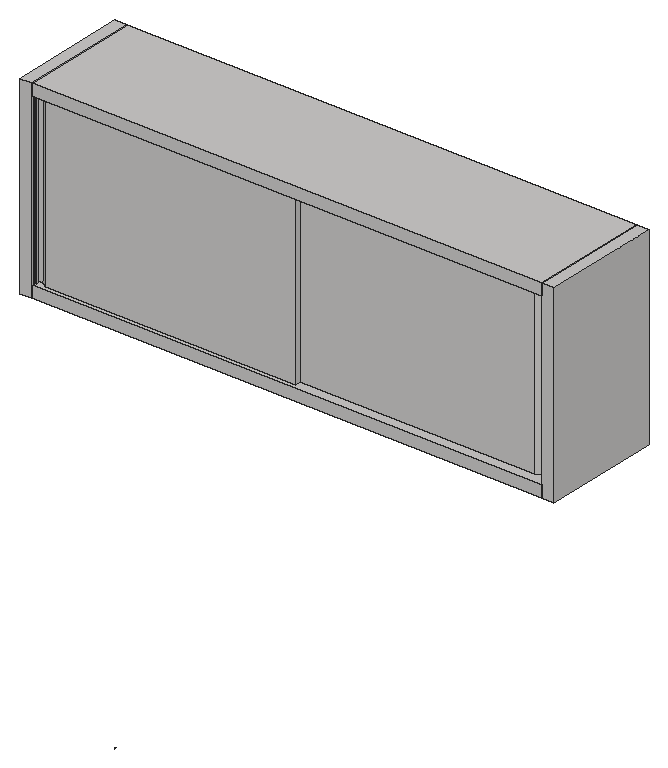
Revit family "QF_ZANUSSI_133213_PSS1800LCN", category Attrezzature speciali, Revit 2020
Family settings
  Quota connettore circolare = Usa diametro
  Tipo di parte = Normale
  Basato su piano di lavoro = No
  Sempre verticale = Sì
  Taglio con vuoti quando caricato = No
  Condiviso = No
  Punto di calcolo locali = No
Parameters (values of type "Standard")
  Weight = 35.00 kg
  Watts = 0 W
  Volts = 0 V
  URL Manufacturer = "http://www.zanussiprofessional.com"
  URL = "http://www.zanussiprofessional.com"
  Steam Supply Size = 0 mm
  Steam Supply Minimum Pressure = 0.0 Pa
  Steam Supply Maximum Pressure = 0.0 Pa
  Steam Consumption per Hour = 0
  Refrigeration Suction Line Size = 0.0 mm
  Refrigeration Liquid Line Size = 0.0 mm
  Refrigerant Compressor Remote = yes
  Prospetto di default = 0.0 mm
  Phase = 0
  Modello = "PSS1800LCN"
  Produttore = "Zanussi"
  Length Actual = 1800.0 mm  # constant formula
  Item Number = "133213"
  Hot Water Size = 0 mm
  Height Actual = 650.0 mm  # constant formula
  HP = "0 HP"
  Gas Size = 0 mm
  Gas KW = 0
  Gas Input Pressure = 0 W
  Direct Waste Size = 0 mm
  Descrizione = "WALL CUPBOARD+ PLATE RACK 2 DOORS 1800MM"
  Depth Actual = 400.0 mm  # constant formula
  Cycle = 0 Hz
  Condensate Return Size = 0 mm
  Compressed Air Volume = 0.0 L/s
  Compressed Air Size = 0 mm
  Compressed Air Pressure = 0.0 Pa
  Cold Water Size = 0 mm
  Accessory = yes
Reference planes
  plane 1 "Center (Front/Back)": y = 0
  plane 2: z = 0
  plane 3 "Center (Left/Right)": x = -300
  plane 4 "LEFT": x = -1200
  plane 5 "RIGHT": x = 600
  plane 6 "BACK": y = 200
  plane 7 "FRONT": y = -200
  plane 8 "Base": z = 2200
  plane 9 "BASE": z = 1550
  plane 10: x = -1160
  plane 11: x = 560
  plane 12: y = -197
  plane 13: y = 150
  plane 14: y = 197
Forms (mm)
  Extrusion 1, solid, material "QF_Finishes_Stainless Steel"
    sketch origin (0, 0, 1550) x (-1, 0, 0) y (0, -1, 0)
      loop
        line (1200, -200) -> (1200, 200) -> (1160, 200) -> (1160, -200) -> (1200, -200)
      loop
        line (-560, -200) -> (-560, 200) -> (-600, 200) -> (-600, -200) -> (-560, -200)
    from 0 to 650
  Extrusion 2, solid, material "QF_Finishes_Stainless Steel"
    sketch origin (0, 0, 1550) x (-1, 0, 0) y (0, -1, 0)
      loop
        line (1160, -150) -> (1160, 200) -> (-560, 200) -> (-560, -150) -> (1160, -150)
    from 0 to 40
  Extrusion 3, solid, material "QF_Finishes_Stainless Steel"
    sketch origin (0, 0, 0) x (1, 0, 0) y (0, 1, 0)
      loop
        line (-1160, -200) -> (560, -200) -> (560, 200) -> (-1160, 200) -> (-1160, -200)
    from 2160 to 2200
  Extrusion 4, solid, material "QF_Finishes_Stainless Steel"
    sketch origin (0, 0, 0) x (1, 0, 0) y (0, 1, 0)
      loop
        line (-273.481, -197) -> (-273.481, -177) -> (-1157, -177) -> (-1157, -197) -> (-1147, -197) -> (-1147, -194) -> (-1154, -194) -> (-1154, -182) -> (-1137, -182) -> (-1117, -197) -> (-273.481, -197)
    from 1597 to 2160
  Extrusion 5, solid, material "QF_Finishes_Stainless Steel"
    sketch origin (0, 0, 0) x (1, 0, 0) y (0, 1, 0)
      loop
        line (-326.5, -177) -> (517, -177) -> (537, -162) -> (554, -162) -> (554, -174) -> (547, -174) -> (547, -177) -> (557, -177) -> (557, -157) -> (-326.5, -157) -> (-326.5, -177)
    from 2160 to 1597
  Extrusion 6, solid, material "QF_Finishes_Stainless Steel"
    sketch origin (0, 0, 0) x (1, 0, 0) y (0, 1, 0)
      loop
        line (-273.481, 197) -> (-1117, 197) -> (-1137, 182) -> (-1154, 182) -> (-1154, 194) -> (-1147, 194) -> (-1147, 197) -> (-1157, 197) -> (-1157, 177) -> (-273.481, 177) -> (-273.481, 197)
    from 1597 to 2160
  Extrusion 7, solid, material "QF_Finishes_Stainless Steel"
    sketch origin (0, 0, 0) x (1, 0, 0) y (0, 1, 0)
      loop
        line (-326.5, 177) -> (-326.5, 157) -> (557, 157) -> (557, 177) -> (547, 177) -> (547, 174) -> (554, 174) -> (554, 162) -> (537, 162) -> (517, 177) -> (-326.5, 177)
    from 2160 to 1597
  Extrusion 8, solid, material "QF_Finishes_Stainless Steel"
    sketch origin (0, 0, 0) x (1, 0, 0) y (0, 1, 0)
      loop
        line (-1200, 200) -> (-1200, 199) -> (-1199, 199) -> (-1199, 200) -> (-1200, 200)
    from 0 to 1
Lines and regions (mm)
  symbolic lines, style "SpecialityEquipmentHiddenLines"
    curve 1: line (557, -157, 0) -> (-326.5, -157, 0)
    curve 2: line (-326.5, -157, 0) -> (-326.5, -177, 0)
    curve 3: line (517, -177, 0) -> (-1157, -177, 0)
    curve 4: line (-273.5, -177, 0) -> (-273.5, -197, 0)
    curve 5: line (-1157, -177, 0) -> (-1157, -197, 0)
    curve 6: line (-1119, -182, 0) -> (-1154, -182, 0)
    curve 20: line (557, 157, 0) -> (-326.5, 157, 0)
    curve 21: line (-326.5, 157, 0) -> (-326.5, 177, 0)
    curve 22: line (517, 177, 0) -> (-1157, 177, 0)
    curve 23: line (-273.5, 177, 0) -> (-273.5, 197, 0)
    curve 24: line (-1157, 177, 0) -> (-1157, 197, 0)
    curve 25: line (-1119, 182, 0) -> (-1154, 182, 0)
    curve 41: line (-1117, -197, 0) -> (-273.5, -197, 0)
    curve 42: line (-1157, -197, 0) -> (-1147, -197, 0)
    curve 43: line (-1147, 197, 0) -> (-1157, 197, 0)
    curve 44: line (-1117, 197, 0) -> (-273.5, 197, 0)
  symbolic lines
    curve 7: line (-1200, 200, 0) -> (600, -200, 0)
    curve 8: line (600, 200, 0) -> (-1200, -200, 0)
    curve 9: line (-1119, -182, 0) -> (-1117, -197, 0)
    curve 10: line (-1154, -182, 0) -> (-1154, -194, 0)
    curve 11: line (-1154, -194, 0) -> (-1147, -194, 0)
    curve 12: line (-1147, -194, 0) -> (-1147, -197, 0)
    curve 13: line (557, -157, 0) -> (557, -177, 0)
    curve 14: line (557, -177, 0) -> (547, -177, 0)
    curve 15: line (547, -177, 0) -> (547, -174, 0)
    curve 16: line (547, -174, 0) -> (554, -174, 0)
    curve 17: line (554, -174, 0) -> (554, -162, 0)
    curve 18: line (554, -162, 0) -> (537, -162, 0)
    curve 19: line (517, -177, 0) -> (537, -162, 0)
    curve 26: line (-1119, 182, 0) -> (-1117, 197, 0)
    curve 27: line (-1154, 182, 0) -> (-1154, 194, 0)
    curve 28: line (-1154, 194, 0) -> (-1147, 194, 0)
    curve 29: line (-1147, 194, 0) -> (-1147, 197, 0)
    curve 30: line (557, 157, 0) -> (557, 177, 0)
    curve 31: line (557, 177, 0) -> (547, 177, 0)
    curve 32: line (547, 177, 0) -> (547, 174, 0)
    curve 33: line (547, 174, 0) -> (554, 174, 0)
    curve 34: line (554, 174, 0) -> (554, 162, 0)
    curve 35: line (554, 162, 0) -> (537, 162, 0)
    curve 36: line (517, 177, 0) -> (537, 162, 0)
    curve 37: line (-1200, 200, 0) -> (600, 200, 0)
    curve 38: line (-1200, -200, 0) -> (-1200, 200, 0)
    curve 39: line (600, -200, 0) -> (-1200, -200, 0)
    curve 40: line (600, 200, 0) -> (600, -200, 0)
Dimensions and locks
  plane 4 "LEFT" to plane 5 "RIGHT" = 1800.0 mm
  equal spacing: plane 4 "LEFT", plane 3 "Center (Left/Right)", plane 5 "RIGHT"
  plane 6 "BACK" to plane 7 "FRONT" = 400.0 mm
  equal spacing: plane 6 "BACK", plane 1 "Center (Front/Back)", plane 7 "FRONT"
  plane 9 "BASE" to level = 1550.0 mm
  locked: plane 4 "LEFT" to plane 10 at 40
  locked: plane 11 to plane 5 "RIGHT" at 40
  plane 12 to plane 7 "FRONT" = 3.0 mm
  plane 6 "BACK" to plane 13 = 50.0 mm
  locked: plane 8 "Base" to plane 9 "BASE" at 650
  aligned and locked: level to plane 2
  aligned and locked: plane 8 "Base" to Extrusion 1
  aligned and locked: plane 6 "BACK" to Extrusion 1 sketch curve
  aligned and locked: Extrusion 1 sketch curve to plane 6 "BACK"
  aligned and locked: plane 7 "FRONT" to Extrusion 1 sketch curve
  aligned and locked: Extrusion 1 sketch curve to plane 7 "FRONT"
  aligned and locked: plane 10 to Extrusion 1
  aligned and locked: Extrusion 1 to plane 11
  aligned and locked: Extrusion 2 to plane 10
  aligned and locked: plane 11 to Extrusion 2
  aligned and locked: plane 8 "Base" to Extrusion 3
  aligned and locked: Extrusion 2 to plane 13
  aligned and locked: Extrusion 3 to plane 7 "FRONT"
  aligned and locked: Extrusion 2 to plane 7 "FRONT"
Automatic sketch dimensions
  Extrusion 1 sketch curve to plane 5 "RIGHT" = 0.0 mm
  Extrusion 1 sketch curve to plane 11 = 0.0 mm
  Extrusion 1 sketch curve to plane 10 = 0.0 mm
  Extrusion 1 sketch curve to plane 4 "LEFT" = 0.0 mm
  Extrusion 2 sketch curve to plane 11 = 0.0 mm
  Extrusion 2 sketch curve to plane 10 = 0.0 mm
  plane 13 to Extrusion 2 sketch curve = 0.0 mm
  Extrusion 2 sketch curve to plane 12 = 3.0 mm
  Extrusion 3 sketch curve to plane 10 = 0.0 mm
  Extrusion 3 sketch curve to plane 11 = 0.0 mm
  Extrusion 3 sketch curve to plane 12 = 3.0 mm
  Extrusion 3 sketch curve to plane 14 = 3.0 mm
  Extrusion 4 sketch curve to plane 12 = 0.0 mm  (x2)
  plane 10 to Extrusion 4 sketch curve = 3.0 mm
  Extrusion 4 sketch curve to Extrusion 4 sketch curve = 3.0 mm
  Extrusion 4 sketch curve to Extrusion 4 sketch curve = 7.0 mm
  Extrusion 4 sketch curve to Extrusion 4 sketch curve = 10.0 mm
  plane 3 "Center (Left/Right)" to Extrusion 4 sketch curve = 26.519 mm
  plane 12 to Extrusion 4 sketch curve = 3.0 mm
  Extrusion 4 sketch curve to Extrusion 4 sketch curve = 12.0 mm
  Extrusion 4 sketch curve to Extrusion 4 sketch curve = 20.0 mm  (x2)
  Extrusion 4 sketch curve to Extrusion 4 sketch curve = 0.0 mm
  Extrusion 5 sketch curve to plane 3 "Center (Left/Right)" = 26.5 mm
  plane 12 to Extrusion 5 sketch curve = 20.0 mm  (x2)
  Extrusion 5 sketch curve to plane 11 = 43.0 mm
  Extrusion 5 sketch curve to plane 11 = 23.0 mm
  Extrusion 5 sketch curve to plane 11 = 13.0 mm
  Extrusion 5 sketch curve to plane 11 = 6.0 mm
  Extrusion 5 sketch curve to plane 11 = 3.0 mm
  Extrusion 5 sketch curve to Extrusion 5 sketch curve = 3.0 mm
  Extrusion 5 sketch curve to Extrusion 5 sketch curve = 12.0 mm
  Extrusion 5 sketch curve to Extrusion 5 sketch curve = 20.0 mm
  plane 14 to Extrusion 6 sketch curve = 0.0 mm  (x2)
  Extrusion 6 sketch curve to plane 10 = 3.0 mm
  Extrusion 6 sketch curve to Extrusion 6 sketch curve = 3.0 mm
  Extrusion 6 sketch curve to Extrusion 6 sketch curve = 7.0 mm
  Extrusion 6 sketch curve to Extrusion 6 sketch curve = 10.0 mm
  Extrusion 6 sketch curve to plane 3 "Center (Left/Right)" = 26.519 mm
  Extrusion 6 sketch curve to plane 14 = 3.0 mm
  Extrusion 6 sketch curve to Extrusion 6 sketch curve = 12.0 mm
  Extrusion 6 sketch curve to Extrusion 6 sketch curve = 20.0 mm  (x2)
  Extrusion 6 sketch curve to Extrusion 6 sketch curve = 0.0 mm
  plane 3 "Center (Left/Right)" to Extrusion 7 sketch curve = 26.5 mm
  Extrusion 7 sketch curve to plane 14 = 20.0 mm  (x2)
  plane 11 to Extrusion 7 sketch curve = 43.0 mm
  plane 11 to Extrusion 7 sketch curve = 23.0 mm
  plane 11 to Extrusion 7 sketch curve = 13.0 mm
  plane 11 to Extrusion 7 sketch curve = 6.0 mm
  plane 11 to Extrusion 7 sketch curve = 3.0 mm
  Extrusion 7 sketch curve to Extrusion 7 sketch curve = 3.0 mm
  Extrusion 7 sketch curve to Extrusion 7 sketch curve = 12.0 mm
  plane 13 to Extrusion 7 sketch curve = 7.0 mm
  Extrusion 8 sketch curve to plane 6 "BACK" = 0.0 mm
  Extrusion 8 sketch curve to plane 4 "LEFT" = 0.0 mm
  plane 4 "LEFT" to Extrusion 8 sketch curve = 1.0 mm
  Extrusion 8 sketch curve to plane 6 "BACK" = 1.0 mm
  curve 39 to plane 4 "LEFT" = 0.0 mm
  curve 5 to plane 12 = 0.0 mm
  plane 14 to curve 24 = 0.0 mm
  curve 41 to plane 12 = 0.0 mm
  plane 14 to curve 26 = 0.0 mm
  curve 40 to plane 5 "RIGHT" = 0.0 mm
  curve 7 to plane 7 "FRONT" = 0.0 mm
  curve 7 to plane 6 "BACK" = 0.0 mm
  plane 10 to curve 24 = 3.0 mm
  plane 10 to curve 5 = 3.0 mm
  curve 24 to curve 27 = 3.0 mm
  curve 3 to curve 6 = 3.0 mm
  plane 12 to curve 12 = 3.0 mm
  curve 10 to curve 12 = 7.0 mm
  curve 27 to curve 29 = 7.0 mm
  curve 12 to curve 41 = 30.0 mm
  curve 29 to curve 26 = 30.0 mm
  curve 1 to plane 3 "Center (Left/Right)" = 26.5 mm
  curve 20 to plane 13 = 7.0 mm
  curve 20 to plane 3 "Center (Left/Right)" = 26.5 mm
  plane 3 "Center (Left/Right)" to curve 23 = 26.5 mm
  plane 3 "Center (Left/Right)" to curve 41 = 26.5 mm
  plane 12 to curve 3 = 20.0 mm
  curve 3 to plane 11 = 43.0 mm
  plane 14 to curve 36 = 20.0 mm
  curve 36 to plane 11 = 43.0 mm
  curve 36 to plane 11 = 23.0 mm
  curve 18 to plane 11 = 23.0 mm
  curve 14 to plane 11 = 13.0 mm
  curve 31 to plane 11 = 13.0 mm
  curve 34 to plane 11 = 6.0 mm
  curve 17 to plane 11 = 6.0 mm
  curve 31 to plane 11 = 3.0 mm
  curve 13 to plane 11 = 3.0 mm
  curve 6 to curve 3 = 5.0 mm
  plane 12 to curve 13 = 20.0 mm
  curve 14 to curve 16 = 3.0 mm
  curve 15 to curve 19 = 12.0 mm
  curve 2 to curve 2 = 20.0 mm
  curve 20 to curve 35 = 5.0 mm
  curve 34 to curve 33 = 12.0 mm
  curve 33 to curve 30 = 3.0 mm
  curve 22 to curve 25 = 5.0 mm
  plane 14 to curve 28 = 3.0 mm
  plane 14 to curve 26 = 15.0 mm
  plane 12 to curve 9 = 15.0 mm
